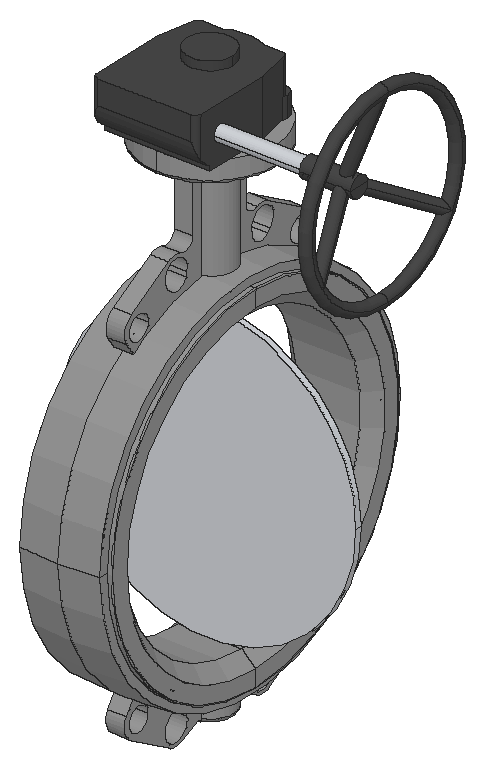
Revit family "Absperr- und Regulierklappe mit Getriebe ZF-4219", category Rohrzubehör, Revit 2021
Family settings
  Bemaßung runder Anschluss = Durchmesser verwenden
  Teiletyp = Unterbricht
  Arbeitsebenenbasiert = Nein
  Immer vertikal = Ja
  Beim Laden mit Abzugskörper schneiden = Nein
  Gemeinsam genutzt = Nein
Parameters
  Vorgabe-Ansicht = 0 mm
  URL = "www.herz-armaturen.at"
  Spindel = "Edelstahl ASTM-A276 / Type 316"  # constant formula
  Schrauben PN16 [instance] = if(Nennweite = 50 mm, "4x M16x100", if(Nennweite = 65 mm, "4x M16x100", if(Nennweite = 80 mm, "8x M16x100", if(Nennweite = 100 mm, "8x M16x110", if(Nennweite = 125 mm, "8x M16x120", if(Nennweite = 150 mm, "8x M20x120", if(Nennweite = 200 mm, "12x M20x130", if(Nennweite = 250 mm, "12x M24x140", "12x M24x160"))))))))  # "12x M24x160"
  Schrauben PN 6 [instance] = if(Nennweite = 50 mm, "4x M12x100", if(Nennweite = 65 mm, "4x M12x100", if(Nennweite = 80 mm, "4x M16x100", if(Nennweite = 100 mm, "4x M16x100", if(Nennweite = 125 mm, "8x M16x110", if(Nennweite = 150 mm, "8x M16x110", if(Nennweite = 200 mm, "--", if(Nennweite = 250 mm, "12x M16x130", "12xM16x140"))))))))  # "12xM16x140"
  Schrauben PN10 [instance] = if(Nennweite = 50 mm, "4x M16x100", if(Nennweite = 65 mm, "4x M16x100", if(Nennweite = 80 mm, "4x M16x100", if(Nennweite = 100 mm, "4x M16x110", if(Nennweite = 125 mm, "8x M16x120", if(Nennweite = 150 mm, "8x M20x120", if(Nennweite = 200 mm, "8x M20x130", if(Nennweite = 250 mm, "12x M20x130", "12x M20x150"))))))))  # "12x M20x150"
  SCTWSEQ = "FW;SBT_TYP_FW=\"101\";2"
  SCTWCODE = "04;07;02"  # constant formula
  SCRNSEQ = "ARM;ARM_TYP=\"ALLF\";2"
  SCRNCODE = "05;13;02"  # constant formula
  R_Dichtung = 1.5 mm  # constant formula
  PN16 [instance] = or(Nennweite = 50 mm, Nennweite = 65 mm, Nennweite = 80 mm, Nennweite = 100 mm, Nennweite = 125 mm, Nennweite = 150 mm, Nennweite = 200 mm, Nennweite = 250 mm, Nennweite = 300 mm)  # yes
  PN10 [instance] = or(Nennweite = 50 mm, Nennweite = 65 mm, Nennweite = 80 mm, Nennweite = 100 mm, Nennweite = 125 mm, Nennweite = 150 mm, Nennweite = 200 mm, Nennweite = 250 mm, Nennweite = 300 mm)  # yes
  PN 6 [instance] = or(Nennweite = 50 mm, Nennweite = 65 mm, Nennweite = 80 mm, Nennweite = 100 mm, Nennweite = 125 mm, Nennweite = 150 mm, Nennweite = 250 mm, Nennweite = 300 mm)  # yes
  PN [instance] = 16  # constant formula
  O-Ring = "EPDM entsprechend ISO 1691"  # constant formula
  Nennweite [instance] = 300 mm
  Min. Betriebstemperatur = "-20.00 °C bei entsprechender Wasser-Glycolmischung"  # constant formula
  Medium = "Ethylen- und Propyleneglykol kann in einem Mischungsverhältnis zwischen 25 - 50 vol. [%] verwendet werden."
  Max. Betriebstemperatur = 110 °C  # constant formula
  LO1 [instance] = R05 + 10 mm  # 193 mm
  L16 [instance] = L01 - L13  # 299 mm
  L15 [instance] = L01 + L12  # 328 mm
  L14 [instance] = size_lookup("4219_ZF_G", "L_14", 44.4 mm, Nennweite)  # 89.4 mm
  L13 [instance] = size_lookup("4219_ZF_G", "L_13", 15 mm, Nennweite)  # 9 mm
  L12 [instance] = size_lookup("4219_ZF_G", "L_12", 15 mm, Nennweite)  # 20 mm
  L11 [instance] = size_lookup("4219_ZF_G", "L_11", 15 mm, Nennweite)  # 23 mm
  L10 [instance] = size_lookup("4219_ZF_G", "L_10", 16 mm, Nennweite)  # 16 mm
  L09 [instance] = size_lookup("4219_ZF_G", "L9", 29 mm, Nennweite)  # 61 mm
  L08 [instance] = size_lookup("4219_ZF_G", "L8", 43 mm, Nennweite)  # 78 mm
  L07 [instance] = size_lookup("4219_ZF_G", "L7", 3.5 mm, Nennweite)  # 4.5 mm
  L06 [instance] = size_lookup("4219_ZF_G", "L6", 18 mm, Nennweite)  # 44 mm
  L05 [instance] = size_lookup("4219_ZF_G", "L5", 35 mm, Nennweite)  # 67 mm
  L04 [instance] = size_lookup("4219_ZF_G", "L4", 35 mm, Nennweite)  # 17.5 mm
  L03 [instance] = size_lookup("4219_ZF_G", "L3", 35 mm, Nennweite)  # 207.5 mm
  L02 [instance] = size_lookup("4219_ZF_G", "L2", 35 mm, Nennweite)  # 122 mm
  L01 [instance] = size_lookup("4219_ZF_G", "L1", 35 mm, Nennweite)  # 308 mm
  Klappenscheibe = "Edelstahl 1.4408"  # constant formula
  Hersteller = "HERZ Armaturen Ges.m.b.H."  # constant formula
  Hebel DN 50-DN150 = "Stahl, ST14.03"  # constant formula
  Hebel DN200-300 = "Stahl, S235 DIN2458/1626"  # constant formula
  H [instance] = size_lookup("4219_ZF_G", "H1", 9 mm, Nennweite)  # 22 mm
  Gewicht in kg [instance] = size_lookup("4219_ZF_G", "M", 37.6, Nennweite)  # 37.6
  Gewicht [instance] = 0.00 kg
  Gehäuseauskleidung = "EPDM entsprechend ISO 1691"  # constant formula
  Gehäuse = "GG, GJL-250/JL1040, entsprechend EN1561"  # constant formula
  Einbaudatum [instance] = ""
  Drehmoment in Nm [instance] = size_lookup("4219_ZF_G", "NM", 350, Nennweite)  # 350
  DN300 [instance] = Nennweite = 300 mm  # yes
  DN250 [instance] = Nennweite = 250 mm  # no
  DN200 [instance] = Nennweite = 200 mm  # no
  DN150 [instance] = Nennweite = 150 mm  # no
  DN125 [instance] = Nennweite = 125 mm  # no
  DN100 [instance] = Nennweite = 100 mm  # no
  DN 80 [instance] = Nennweite = 80 mm  # no
  DN 65 [instance] = Nennweite = 65 mm  # no
  DN 50 [instance] = Nennweite = 50 mm  # no
  Chargennummer [instance] = ""
  BD [instance] = size_lookup("4219_ZF_G", "DB", 24 mm, Nennweite)  # 290 mm
  D09 [instance] = size_lookup("4219_ZF_G", "D9", 24 mm, Nennweite)  # 145 mm
  D08 [instance] = size_lookup("4219_ZF_G", "D8", 47 mm, Nennweite)  # 18 mm
  D07 [instance] = size_lookup("4219_ZF_G", "D7", 47 mm, Nennweite)  # 37.5 mm
  D06 [instance] = size_lookup("4219_ZF_G", "D6", 47 mm, Nennweite)  # 65 mm
  R05 [instance] = size_lookup("4219_ZF_G", "D5", 47 mm, Nennweite)  # 183 mm
  D05 [instance] = R05 * 2  # 366 mm
  D04 [instance] = size_lookup("4219_ZF_G", "D4", 41 mm, Nennweite)  # 175 mm
  D03 [instance] = size_lookup("4219_ZF_G", "D3", 35.5 mm, Nennweite)  # 167.5 mm
  R01 [instance] = size_lookup("4219_ZF_G", "D1", 28 mm, Nennweite)  # 154.5 mm
  R02 [instance] = size_lookup("4219_ZF_G", "D2", 30 mm, Nennweite)  # 156.5 mm
  Bestellnummer [instance] = size_lookup("4219_ZF_G", "Artnr", 1421901, Nennweite)  # 1421969
  Anwendungsgebiet = "Geeignet für Flüssigkeiten in der Haustechnik, Kaltwasser, Heißwasser, etc."
  Anschlussflansch = "entsprechend EN1092-2"  # constant formula
Reference planes
  plane 1 "Mitte (Vorne/hinten)": y = 0
  plane 2: z = 0
  plane 3 "Mitte (Links/rechts)": x = 0
Forms (mm)
  Revolve 1, solid, material "Herz-Metall-blau", detail levels fine
    sketch origin (0, 0, 0) x (1, 0, 0) y (0, 1, 0)
      loop
        line (0, 185.241) -> (-39, 183) -> (-39, 175) -> (-30.5, 175) -> (-30.5, 167.5) -> (-32, 167.5)
        arc (-32, 167.5) -> (-33.061, 167.061) -> (-33.5, 166) r 1.5
        line (-33.5, 166) -> (-33.5, 156.824)
        arc (-33.5, 156.824) -> (-33.229, 155.964) -> (-32.513, 155.415) r 1.5
        line (-32.513, 155.415) -> (-29, 154.5) -> (-22, 154.5) -> (-22, 156.5) -> (22, 156.5) -> (22, 154.5) -> (29, 154.5) -> (32.513, 155.415)
        arc (32.513, 155.415) -> (33.229, 155.964) -> (33.5, 156.824) r 1.5
        line (33.5, 156.824) -> (33.5, 166)
        arc (33.5, 166) -> (33.061, 167.061) -> (32, 167.5) r 1.5
        line (32, 167.5) -> (30.5, 167.5) -> (30.5, 175) -> (39, 175) -> (39, 183) -> (0, 185.241)
      axis (39, 0) -> (-39, 0)
    angle from 0 to 360
  Extrusion 2, solid, material "Herz-Metall-blau", visible <- "DN 50", detail levels fine
    sketch origin (0, 0, 0) x (0, 1, 0) y (0, 0, 1)
      loop
        line (20, 54.051) -> (20.008, 111.113) -> (16.897, 110.952)
        arc (16.897, 110.952) -> (15.55, 110.331) -> (15, 108.954) r 2
        line (15, 108.954) -> (15, 44.542)
        arc (15, 44.542) -> (31.465, 34.913) -> (42.748, 19.534) r 47
        arc (42.748, 19.534) -> (42.633, 20.873) -> (43.392, 21.983) r 2
        line (43.392, 21.983) -> (54.714, 30.209)
        arc (54.714, 30.209) -> (56.569, 56.569) -> (30.209, 54.714) r 17.5
        line (30.209, 54.714) -> (27.87, 51.494)
        arc (27.87, 51.494) -> (23.006, 49.914) -> (20, 54.051) r 4.35
      loop
        arc (32.065, 41.998) -> (33.588, 33.588) -> (41.998, 32.065) r 7.5
        line (41.998, 32.065) -> (48.502, 35.17)
        arc (48.502, 35.17) -> (51.265, 51.265) -> (35.17, 48.502) r 10
        line (35.17, 48.502) -> (32.065, 41.998)
      loop
        arc (-20, 54.051) -> (-23.006, 49.914) -> (-27.87, 51.494) r 4.35
        line (-27.87, 51.494) -> (-30.209, 54.714)
        arc (-30.209, 54.714) -> (-56.569, 56.569) -> (-54.714, 30.209) r 17.5
        line (-54.714, 30.209) -> (-43.392, 21.983)
        arc (-43.392, 21.983) -> (-42.633, 20.873) -> (-42.748, 19.534) r 2
        arc (-42.748, 19.534) -> (-31.465, 34.913) -> (-15, 44.542) r 47
        line (-15, 44.542) -> (-15, 108.954)
        arc (-15, 108.954) -> (-15.55, 110.331) -> (-16.897, 110.952) r 2
        line (-16.897, 110.952) -> (-20.008, 111.113) -> (-20, 54.051)
      loop
        line (-32.065, 41.998) -> (-35.17, 48.502)
        arc (-35.17, 48.502) -> (-51.265, 51.265) -> (-48.502, 35.17) r 10
        line (-48.502, 35.17) -> (-41.998, 32.065)
        arc (-41.998, 32.065) -> (-33.588, 33.588) -> (-32.065, 41.998) r 7.5
      loop
        line (32.065, -41.998) -> (35.17, -48.502)
        arc (35.17, -48.502) -> (51.265, -51.265) -> (48.502, -35.17) r 10
        line (48.502, -35.17) -> (41.998, -32.065)
        arc (41.998, -32.065) -> (33.588, -33.588) -> (32.065, -41.998) r 7.5
      loop
        line (54.714, -30.209) -> (43.392, -21.983)
        arc (43.392, -21.983) -> (42.633, -20.873) -> (42.748, -19.534) r 2
        arc (42.748, -19.534) -> (33.234, -33.234) -> (19.534, -42.748) r 47
        arc (19.534, -42.748) -> (20.873, -42.633) -> (21.983, -43.392) r 2
        line (21.983, -43.392) -> (30.209, -54.714)
        arc (30.209, -54.714) -> (56.569, -56.569) -> (54.714, -30.209) r 17.5
      loop
        arc (-32.065, -41.998) -> (-33.588, -33.588) -> (-41.998, -32.065) r 7.5
        line (-41.998, -32.065) -> (-48.502, -35.17)
        arc (-48.502, -35.17) -> (-51.265, -51.265) -> (-35.17, -48.502) r 10
        line (-35.17, -48.502) -> (-32.065, -41.998)
      loop
        arc (-54.714, -30.209) -> (-56.569, -56.569) -> (-30.209, -54.714) r 17.5
        line (-30.209, -54.714) -> (-21.983, -43.392)
        arc (-21.983, -43.392) -> (-20.873, -42.633) -> (-19.534, -42.748) r 2
        arc (-19.534, -42.748) -> (-33.234, -33.234) -> (-42.748, -19.534) r 47
        arc (-42.748, -19.534) -> (-42.633, -20.873) -> (-43.392, -21.983) r 2
        line (-43.392, -21.983) -> (-54.714, -30.209)
    from -4.5 to 4.5
  Extrusion 3, solid, material "Herz-Metall-blau", visible <- "DN 65", detail levels fine
    sketch origin (0, 0, 0) x (0, 1, 0) y (0, 0, 1)
      loop
        arc (51.659, 21.619) -> (51.541, 22.778) -> (52.089, 23.805) r 2
        line (52.089, 23.805) -> (65.407, 37.123)
        arc (65.407, 37.123) -> (65.407, 65.407) -> (37.123, 65.407) r 20
        line (37.123, 65.407) -> (29.414, 57.699)
        arc (29.414, 57.699) -> (27.235, 57.265) -> (26, 59.113) r 2
        line (26, 59.113) -> (26, 136.154) -> (19.897, 135.838)
        arc (19.897, 135.838) -> (18.55, 135.218) -> (18, 133.841) r 2
        line (18, 133.841) -> (18, 53.028)
        arc (18, 53.028) -> (38.206, 40.942) -> (51.659, 21.619) r 56
      loop
        arc (55.637, 42.831) -> (57.983, 57.983) -> (42.831, 55.637) r 9.5
        line (42.831, 55.637) -> (39.647, 48.983)
        arc (39.647, 48.983) -> (41.012, 41.012) -> (48.983, 39.647) r 7
        line (48.983, 39.647) -> (55.637, 42.831)
      loop
        arc (51.659, -21.619) -> (39.598, -39.598) -> (21.619, -51.659) r 56
        arc (21.619, -51.659) -> (22.778, -51.541) -> (23.805, -52.089) r 2
        line (23.805, -52.089) -> (37.123, -65.407)
        arc (37.123, -65.407) -> (65.407, -65.407) -> (65.407, -37.123) r 20
        line (65.407, -37.123) -> (52.089, -23.805)
        arc (52.089, -23.805) -> (51.541, -22.778) -> (51.659, -21.619) r 2
      loop
        line (55.637, -42.831) -> (48.983, -39.647)
        arc (48.983, -39.647) -> (41.012, -41.012) -> (39.647, -48.983) r 7
        line (39.647, -48.983) -> (42.831, -55.637)
        arc (42.831, -55.637) -> (57.983, -57.983) -> (55.637, -42.831) r 9.5
      loop
        arc (-51.659, -21.619) -> (-51.541, -22.778) -> (-52.089, -23.805) r 2
        line (-52.089, -23.805) -> (-65.407, -37.123)
        arc (-65.407, -37.123) -> (-65.407, -65.407) -> (-37.123, -65.407) r 20
        line (-37.123, -65.407) -> (-23.805, -52.089)
        arc (-23.805, -52.089) -> (-22.778, -51.541) -> (-21.619, -51.659) r 2
        arc (-21.619, -51.659) -> (-39.598, -39.598) -> (-51.659, -21.619) r 56
      loop
        arc (-55.637, -42.831) -> (-57.983, -57.983) -> (-42.831, -55.637) r 9.5
        line (-42.831, -55.637) -> (-39.647, -48.983)
        arc (-39.647, -48.983) -> (-41.012, -41.012) -> (-48.983, -39.647) r 7
        line (-48.983, -39.647) -> (-55.637, -42.831)
      loop
        arc (-51.659, 21.619) -> (-38.206, 40.942) -> (-18, 53.028) r 56
        line (-18, 53.028) -> (-18, 133.838)
        arc (-18, 133.838) -> (-18.55, 135.215) -> (-19.897, 135.835) r 2
        line (-19.897, 135.835) -> (-26, 136.151) -> (-26, 59.113)
        arc (-26, 59.113) -> (-27.235, 57.265) -> (-29.414, 57.699) r 2
        line (-29.414, 57.699) -> (-37.123, 65.407)
        arc (-37.123, 65.407) -> (-65.407, 65.407) -> (-65.407, 37.123) r 20
        line (-65.407, 37.123) -> (-52.089, 23.805)
        arc (-52.089, 23.805) -> (-51.541, 22.778) -> (-51.659, 21.619) r 2
      loop
        line (-55.637, 42.831) -> (-48.983, 39.647)
        arc (-48.983, 39.647) -> (-41.012, 41.012) -> (-39.647, 48.983) r 7
        line (-39.647, 48.983) -> (-42.831, 55.637)
        arc (-42.831, 55.637) -> (-57.983, 57.983) -> (-55.637, 42.831) r 9.5
    from -4.5 to 4.5
  Extrusion 4, solid, material "Herz-Metall-blau", visible <- "DN 80", detail levels fine
    sketch origin (0, 0, 0) x (0, 1, 0) y (0, 0, 1)
      loop
        line (26, 143.161) -> (20.397, 142.871)
        arc (20.397, 142.871) -> (19.05, 142.251) -> (18.5, 140.874) r 2
        line (18.5, 140.874) -> (18.5, 62.833)
        arc (18.5, 62.833) -> (41.296, 50.842) -> (57.706, 30.989) r 65.5
        arc (57.706, 30.989) -> (57.482, 32.176) -> (57.983, 33.275) r 2
        line (57.983, 33.275) -> (67.23, 43.52)
        arc (67.23, 43.52) -> (70.328, 54.798) -> (65.407, 65.407) r 17
        line (65.407, 65.407) -> (42.005, 86.53)
        arc (42.005, 86.53) -> (37.832, 89.302) -> (33.031, 90.738) r 17
        arc (33.031, 90.738) -> (27.974, 93.895) -> (26, 99.52) r 9
        line (26, 99.52) -> (26, 143.161)
      loop
        circle (30.615, 73.91) r 9.5
      loop
        circle (53.387, 53.387) r 9.5
      loop
        arc (57.706, -30.989) -> (41.296, -50.842) -> (18.5, -62.833) r 65.5
        line (18.5, -62.833) -> (18.5, -85.837)
        arc (18.5, -85.837) -> (30.113, -90.903) -> (42.005, -86.53) r 17
        line (42.005, -86.53) -> (65.407, -65.407)
        arc (65.407, -65.407) -> (70.328, -54.798) -> (67.23, -43.52) r 17
        line (67.23, -43.52) -> (57.983, -33.275)
        arc (57.983, -33.275) -> (57.482, -32.176) -> (57.706, -30.989) r 2
      loop
        circle (30.615, -73.91) r 9.5
      loop
        circle (53.387, -53.387) r 9.5
      loop
        arc (-57.706, -30.989) -> (-57.482, -32.176) -> (-57.983, -33.275) r 2
        line (-57.983, -33.275) -> (-67.23, -43.52)
        arc (-67.23, -43.52) -> (-70.328, -54.798) -> (-65.407, -65.407) r 17
        line (-65.407, -65.407) -> (-42.005, -86.53)
        arc (-42.005, -86.53) -> (-30.113, -90.903) -> (-18.5, -85.837) r 17
        line (-18.5, -85.837) -> (-18.5, -62.833)
        arc (-18.5, -62.833) -> (-41.296, -50.842) -> (-57.706, -30.989) r 65.5
      loop
        circle (-30.615, -73.91) r 9.5
      loop
        circle (-53.387, -53.387) r 9.5
      loop
        line (-26, 143.179) -> (-26, 99.52)
        arc (-26, 99.52) -> (-27.974, 93.895) -> (-33.031, 90.738) r 9
        arc (-33.031, 90.738) -> (-37.832, 89.302) -> (-42.005, 86.53) r 17
        line (-42.005, 86.53) -> (-65.407, 65.407)
        arc (-65.407, 65.407) -> (-70.328, 54.798) -> (-67.23, 43.52) r 17
        line (-67.23, 43.52) -> (-57.983, 33.275)
        arc (-57.983, 33.275) -> (-57.482, 32.176) -> (-57.706, 30.989) r 2
        arc (-57.706, 30.989) -> (-41.296, 50.842) -> (-18.5, 62.833) r 65.5
        line (-18.5, 62.833) -> (-18.5, 140.891)
        arc (-18.5, 140.891) -> (-19.05, 142.268) -> (-20.397, 142.888) r 2
        line (-20.397, 142.888) -> (-26, 143.179)
      loop
        circle (-30.615, 73.91) r 9.5
      loop
        circle (-53.387, 53.387) r 9.5
    from -4.5 to 4.5
  Extrusion 5, solid, material "Herz-Metall-blau", visible <- "DN100", detail levels fine
    sketch origin (0, 0, 0) x (0, 1, 0) y (0, 0, 1)
      loop
        line (64.131, 38.887) -> (73.681, 49.873)
        arc (73.681, 49.873) -> (77.063, 61.29) -> (72.125, 72.125) r 17
        line (72.125, 72.125) -> (45.809, 95.79)
        arc (45.809, 95.79) -> (41.366, 98.675) -> (36.25, 100.053) r 17
        arc (36.25, 100.053) -> (28.882, 104.596) -> (26, 112.759) r 13
        line (26, 112.759) -> (26, 166.173) -> (20.397, 165.883)
        arc (20.397, 165.883) -> (19.05, 165.263) -> (18.5, 163.886) r 2
        line (18.5, 163.886) -> (18.5, 72.683)
        arc (18.5, 72.683) -> (44.637, 60.27) -> (64.131, 38.887) r 75
      loop
        circle (60.104, 60.104) r 9.5
      loop
        circle (34.442, 83.149) r 9.5
      loop
        arc (64.131, -38.887) -> (44.637, -60.27) -> (18.5, -72.683) r 75
        line (18.5, -72.683) -> (18.5, -95.329)
        arc (18.5, -95.329) -> (21.473, -95.603) -> (24.233, -96.743) r 10
        arc (24.233, -96.743) -> (35.191, -100.133) -> (45.809, -95.79) r 17
        line (45.809, -95.79) -> (72.125, -72.125)
        arc (72.125, -72.125) -> (77.063, -61.29) -> (73.681, -49.873) r 17
        line (73.681, -49.873) -> (64.131, -38.887)
      loop
        circle (60.104, -60.104) r 9.5
      loop
        circle (34.442, -83.149) r 9.5
      loop
        line (-64.131, -38.887) -> (-73.681, -49.873)
        arc (-73.681, -49.873) -> (-77.063, -61.29) -> (-72.125, -72.125) r 17
        line (-72.125, -72.125) -> (-45.809, -95.79)
        arc (-45.809, -95.79) -> (-35.191, -100.133) -> (-24.233, -96.743) r 17
        arc (-24.233, -96.743) -> (-21.473, -95.603) -> (-18.5, -95.329) r 10
        line (-18.5, -95.329) -> (-18.5, -72.683)
        arc (-18.5, -72.683) -> (-44.637, -60.27) -> (-64.131, -38.887) r 75
      loop
        circle (-60.104, -60.104) r 9.5
      loop
        circle (-34.442, -83.149) r 9.5
      loop
        arc (-64.131, 38.887) -> (-44.637, 60.27) -> (-18.5, 72.683) r 75
        line (-18.5, 72.683) -> (-18.5, 163.876)
        arc (-18.5, 163.876) -> (-19.05, 165.253) -> (-20.397, 165.873) r 2
        line (-20.397, 165.873) -> (-26, 166.164) -> (-26, 112.759)
        arc (-26, 112.759) -> (-28.882, 104.596) -> (-36.25, 100.053) r 13
        arc (-36.25, 100.053) -> (-41.366, 98.675) -> (-45.809, 95.79) r 17
        line (-45.809, 95.79) -> (-72.125, 72.125)
        arc (-72.125, 72.125) -> (-77.063, 61.29) -> (-73.681, 49.873) r 17
        line (-73.681, 49.873) -> (-64.131, 38.887)
      loop
        circle (-60.104, 60.104) r 9.5
      loop
        circle (-34.442, 83.149) r 9.5
    from -4.5 to 4.5
  Extrusion 6, solid, material "Herz-Metall-blau", visible <- "DN125", detail levels fine
    sketch origin (0, 0, 0) x (0, 1, 0) y (0, 0, 1)
      loop
        arc (75.229, 48.945) -> (74.917, 50.244) -> (75.492, 51.45) r 2
        line (75.492, 51.45) -> (82.731, 58.69)
        arc (82.731, 58.69) -> (87.711, 70.711) -> (82.731, 82.731) r 17
        line (82.731, 82.731) -> (51.291, 109.875)
        arc (51.291, 109.875) -> (46.108, 112.941) -> (40.182, 114.007) r 17
        line (40.182, 114.007) -> (38, 114.007)
        arc (38, 114.007) -> (29.515, 117.522) -> (26, 126.007) r 12
        line (26, 126.007) -> (26, 185.157) -> (20.397, 184.867)
        arc (20.397, 184.867) -> (19.05, 184.246) -> (18.5, 182.869) r 2
        line (18.5, 182.869) -> (18.5, 87.823)
        arc (18.5, 87.823) -> (50.736, 74.033) -> (75.229, 48.945) r 89.75
      loop
        circle (40.182, 97.007) r 9.5
      loop
        circle (70.711, 70.711) r 9.5
      loop
        arc (75.229, -48.945) -> (50.736, -74.033) -> (18.5, -87.823) r 89.75
        line (18.5, -87.823) -> (18.5, -108.431)
        arc (18.5, -108.431) -> (24.248, -107.655) -> (29.46, -110.2) r 10
        arc (29.46, -110.2) -> (40.434, -114.005) -> (51.291, -109.875) r 17
        line (51.291, -109.875) -> (82.731, -82.731)
        arc (82.731, -82.731) -> (87.711, -70.711) -> (82.731, -58.69) r 17
        line (82.731, -58.69) -> (75.492, -51.45)
        arc (75.492, -51.45) -> (74.917, -50.244) -> (75.229, -48.945) r 2
      loop
        circle (40.182, -97.007) r 9.5
      loop
        circle (70.711, -70.711) r 9.5
      loop
        arc (-75.229, -48.945) -> (-74.917, -50.244) -> (-75.492, -51.45) r 2
        line (-75.492, -51.45) -> (-82.731, -58.69)
        arc (-82.731, -58.69) -> (-87.711, -70.711) -> (-82.731, -82.731) r 17
        line (-82.731, -82.731) -> (-51.291, -109.875)
        arc (-51.291, -109.875) -> (-40.434, -114.005) -> (-29.46, -110.2) r 17
        arc (-29.46, -110.2) -> (-24.248, -107.655) -> (-18.5, -108.431) r 10
        line (-18.5, -108.431) -> (-18.5, -87.823)
        arc (-18.5, -87.823) -> (-50.736, -74.033) -> (-75.229, -48.945) r 89.75
      loop
        circle (-40.182, -97.007) r 9.5
      loop
        circle (-70.711, -70.711) r 9.5
      loop
        arc (-75.229, 48.945) -> (-50.736, 74.033) -> (-18.5, 87.823) r 89.75
        line (-18.5, 87.823) -> (-18.5, 182.852)
        arc (-18.5, 182.852) -> (-19.05, 184.23) -> (-20.397, 184.85) r 2
        line (-20.397, 184.85) -> (-26, 185.14) -> (-26, 126.007)
        arc (-26, 126.007) -> (-29.515, 117.522) -> (-38, 114.007) r 12
        line (-38, 114.007) -> (-40.182, 114.007)
        arc (-40.182, 114.007) -> (-46.108, 112.941) -> (-51.291, 109.875) r 17
        line (-51.291, 109.875) -> (-82.731, 82.731)
        arc (-82.731, 82.731) -> (-87.711, 70.711) -> (-82.731, 58.69) r 17
        line (-82.731, 58.69) -> (-75.492, 51.45)
        arc (-75.492, 51.45) -> (-74.917, 50.244) -> (-75.229, 48.945) r 2
      loop
        circle (-40.182, 97.007) r 9.5
      loop
        circle (-70.711, 70.711) r 9.5
    from -6 to 6
  Extrusion 7, solid, material "Herz-Metall-blau", visible <- "DN150", detail levels fine
    sketch origin (0, 0, 0) x (0, 1, 0) y (0, 0, 1)
      loop
        line (83.495, 59.454) -> (91.57, 67.529)
        arc (91.57, 67.529) -> (96.55, 79.55) -> (91.57, 91.57) r 17
        line (91.57, 91.57) -> (57.511, 123.304)
        arc (57.511, 123.304) -> (45.758, 127.865) -> (34.095, 123.077) r 17
        arc (34.095, 123.077) -> (28.976, 122.416) -> (26, 126.633) r 5
        line (26, 126.633) -> (26, 198.177) -> (20.397, 197.887)
        arc (20.397, 197.887) -> (19.05, 197.267) -> (18.5, 195.889) r 2
        line (18.5, 195.889) -> (18.5, 100.817)
        arc (18.5, 100.817) -> (55.032, 86.474) -> (83.495, 59.454) r 102.5
      loop
        circle (45.922, 110.866) r 11.5
      loop
        circle (79.55, 79.55) r 9.5
      loop
        circle (45.922, -110.866) r 11.5
      loop
        circle (79.55, -79.55) r 9.5
      loop
        line (91.57, -67.529) -> (83.495, -59.454)
        arc (83.495, -59.454) -> (55.032, -86.474) -> (18.5, -100.817) r 102.5
        line (18.5, -100.817) -> (18.5, -123.208)
        arc (18.5, -123.208) -> (19.363, -121.755) -> (21.03, -121.482) r 2
        line (21.03, -121.482) -> (42.642, -127.546)
        arc (42.642, -127.546) -> (50.587, -127.213) -> (57.511, -123.304) r 17
        line (57.511, -123.304) -> (91.57, -91.57)
        arc (91.57, -91.57) -> (96.55, -79.55) -> (91.57, -67.529) r 17
      loop
        arc (-83.495, 59.454) -> (-55.032, 86.474) -> (-18.5, 100.817) r 102.5
        line (-18.5, 100.817) -> (-18.5, 195.875)
        arc (-18.5, 195.875) -> (-19.05, 197.252) -> (-20.397, 197.872) r 2
        line (-20.397, 197.872) -> (-26, 198.163) -> (-26, 126.633)
        arc (-26, 126.633) -> (-28.976, 122.416) -> (-34.095, 123.077) r 5
        arc (-34.095, 123.077) -> (-45.758, 127.865) -> (-57.511, 123.304) r 17
        line (-57.511, 123.304) -> (-91.57, 91.57)
        arc (-91.57, 91.57) -> (-96.55, 79.55) -> (-91.57, 67.529) r 17
        line (-91.57, 67.529) -> (-83.495, 59.454)
      loop
        circle (-45.922, 110.866) r 11.5
      loop
        circle (-79.55, 79.55) r 9.5
      loop
        circle (-45.922, -110.866) r 11.5
      loop
        circle (-79.55, -79.55) r 9.5
      loop
        arc (-91.57, -67.529) -> (-96.55, -79.55) -> (-91.57, -91.57) r 17
        line (-91.57, -91.57) -> (-57.511, -123.304)
        arc (-57.511, -123.304) -> (-50.587, -127.213) -> (-42.642, -127.546) r 17
        line (-42.642, -127.546) -> (-21.03, -121.482)
        arc (-21.03, -121.482) -> (-19.363, -121.755) -> (-18.5, -123.208) r 2
        line (-18.5, -123.208) -> (-18.5, -100.817)
        arc (-18.5, -100.817) -> (-55.032, -86.474) -> (-83.495, -59.454) r 102.5
        line (-83.495, -59.454) -> (-91.57, -67.529)
    from -7 to 7
  Extrusion 8, solid, material "Herz-Metall-blau", visible <- "DN200", detail levels fine
    sketch origin (0, 0, 0) x (0, 1, 0) y (0, 0, 1)
      loop
        arc (42.048, 153.832) -> (26.654, 145.827) -> (35.349, 130.812) r 12
        line (35.349, 130.812) -> (53.31, 124.689)
        arc (53.31, 124.689) -> (67.804, 132.4) -> (61.038, 147.359) r 12
        line (61.038, 147.359) -> (42.048, 153.832)
      loop
        line (28, 226.273) -> (22.065, 226.047)
        arc (22.065, 226.047) -> (20.655, 225.469) -> (20, 224.092) r 2.114
        line (20, 224.092) -> (20, 129.471)
        arc (20, 129.471) -> (49.604, 121.273) -> (76.485, 106.406) r 130.989
        line (76.485, 106.406) -> (76.485, 136.265)
        arc (76.485, 136.265) -> (73.108, 147.391) -> (64.117, 154.764) r 20.019
        line (64.117, 154.764) -> (38.16, 163.592)
        arc (38.16, 163.592) -> (30.802, 169.06) -> (28, 177.79) r 15
        line (28, 177.79) -> (28, 226.273)
      loop
        line (42.048, -153.832) -> (61.038, -147.359)
        arc (61.038, -147.359) -> (67.804, -132.4) -> (53.31, -124.689) r 12
        line (53.31, -124.689) -> (35.349, -130.812)
        arc (35.349, -130.812) -> (26.654, -145.827) -> (42.048, -153.832) r 12
      loop
        arc (76.446, -106.382) -> (49.585, -121.253) -> (20, -129.464) r 131
        line (20, -129.464) -> (20, -141.835)
        arc (20, -141.835) -> (28.361, -158.099) -> (46.453, -160.765) r 20
        line (46.453, -160.765) -> (64.099, -154.75)
        arc (64.099, -154.75) -> (73.075, -147.384) -> (76.446, -136.272) r 20
        line (76.446, -136.272) -> (76.446, -106.382)
      loop
        arc (-42.048, -153.832) -> (-26.654, -145.827) -> (-35.349, -130.812) r 12
        line (-35.349, -130.812) -> (-53.31, -124.689)
        arc (-53.31, -124.689) -> (-67.804, -132.4) -> (-61.038, -147.359) r 12
        line (-61.038, -147.359) -> (-42.048, -153.832)
      loop
        line (-76.446, -106.382) -> (-76.446, -136.272)
        arc (-76.446, -136.272) -> (-73.075, -147.384) -> (-64.099, -154.75) r 20
        line (-64.099, -154.75) -> (-46.453, -160.765)
        arc (-46.453, -160.765) -> (-28.361, -158.099) -> (-20, -141.835) r 20
        line (-20, -141.835) -> (-20, -129.464)
        arc (-20, -129.464) -> (-49.585, -121.253) -> (-76.446, -106.382) r 131
      loop
        line (-42.048, 153.832) -> (-61.038, 147.359)
        arc (-61.038, 147.359) -> (-67.804, 132.4) -> (-53.31, 124.689) r 12
        line (-53.31, 124.689) -> (-35.349, 130.812)
        arc (-35.349, 130.812) -> (-26.654, 145.827) -> (-42.048, 153.832) r 12
      loop
        line (-28, 226.278) -> (-28, 177.79)
        arc (-28, 177.79) -> (-30.802, 169.06) -> (-38.16, 163.592) r 15
        line (-38.16, 163.592) -> (-64.117, 154.764)
        arc (-64.117, 154.764) -> (-73.108, 147.391) -> (-76.485, 136.265) r 20.019
        line (-76.485, 136.265) -> (-76.485, 106.406)
        arc (-76.485, 106.406) -> (-49.604, 121.273) -> (-20, 129.471) r 130.989
        line (-20, 129.471) -> (-20, 224.098)
        arc (-20, 224.098) -> (-20.655, 225.475) -> (-22.065, 226.053) r 2.114
        line (-22.065, 226.053) -> (-28, 226.278)
    from -7 to 7
  Extrusion 9, solid, material "Herz-Metall-blau", visible <- "DN250", detail levels fine
    sketch origin (0, 0, 0) x (0, 1, 0) y (0, 0, 1)
      loop
        arc (-95.9, 125.382) -> (-61.406, 145.382) -> (-23, 156.095) r 157.75
        line (-23, 156.095) -> (-23, 258.814)
        arc (-23, 258.814) -> (-23.588, 260.113) -> (-24.893, 260.69) r 2
        line (-24.893, 260.69) -> (-32, 261.058) -> (-32, 187.712)
        arc (-32, 187.712) -> (-33.507, 185.205) -> (-36.428, 185.359) r 2.84
        arc (-36.428, 185.359) -> (-43.951, 188.152) -> (-51.918, 187.184) r 17
        line (-51.918, 187.184) -> (-97.072, 155.872)
        arc (-97.072, 155.872) -> (-100.207, 149.167) -> (-100.195, 141.765) r 17
        line (-100.195, 141.765) -> (-95.9, 125.382)
      loop
        circle (-83.608, 145.492) r 9.5
      loop
        circle (-45.549, 171.269) r 14
      loop
        arc (96.192, -125.349) -> (61.575, -145.51) -> (23, -156.317) r 157.999
        line (23, -156.317) -> (23, -181.388) -> (27.217, -181.388)
        arc (27.217, -181.388) -> (30.142, -181.826) -> (32.812, -183.1) r 10
        line (32.812, -183.1) -> (36.428, -185.542)
        arc (36.428, -185.542) -> (44.468, -188.388) -> (52.878, -186.972) r 17
        line (52.878, -186.972) -> (97.463, -155.872)
        arc (97.463, -155.872) -> (100.598, -149.167) -> (100.586, -141.765) r 17
        line (100.586, -141.765) -> (96.192, -125.349)
      loop
        circle (84, -145.492) r 9.5
      loop
        circle (45.94, -171.452) r 14
      loop
        line (-96.192, -125.349) -> (-100.586, -141.765)
        arc (-100.586, -141.765) -> (-100.598, -149.167) -> (-97.463, -155.872) r 17
        line (-97.463, -155.872) -> (-52.878, -186.972)
        arc (-52.878, -186.972) -> (-44.468, -188.388) -> (-36.428, -185.542) r 17
        line (-36.428, -185.542) -> (-32.812, -183.1)
        arc (-32.812, -183.1) -> (-30.142, -181.826) -> (-27.217, -181.388) r 10
        line (-27.217, -181.388) -> (-23, -181.388) -> (-23, -156.317)
        arc (-23, -156.317) -> (-61.575, -145.51) -> (-96.192, -125.349) r 157.999
      loop
        circle (-84, -145.492) r 9.5
      loop
        circle (-45.94, -171.452) r 14
      loop
        line (95.9, 125.2) -> (100.195, 141.582)
        arc (100.195, 141.582) -> (100.207, 148.984) -> (97.072, 155.689) r 17
        line (97.072, 155.689) -> (51.919, 187.036)
        arc (51.919, 187.036) -> (43.952, 188.006) -> (36.428, 185.212) r 17
        arc (36.428, 185.212) -> (33.507, 185.058) -> (32, 187.566) r 2.84
        line (32, 187.566) -> (32, 261.045) -> (24.893, 260.677)
        arc (24.893, 260.677) -> (23.588, 260.1) -> (23, 258.801) r 2
        line (23, 258.801) -> (23, 155.948)
        arc (23, 155.948) -> (61.411, 145.223) -> (95.9, 125.2) r 157.605
      loop
        circle (83.608, 145.31) r 9.5
      loop
        circle (45.549, 171.122) r 14
    from -9 to 9
  Extrusion 10, solid, material "Herz-Metall-blau", visible <- "DN300", detail levels fine
    sketch origin (0, 0, 0) x (0, 1, 0) y (0, 0, 1)
      loop
        arc (62.57, 187.834) -> (56.268, 211.23) -> (39.112, 194.12) r 14
        line (39.112, 194.12) -> (40.223, 189.928)
        arc (40.223, 189.928) -> (48.374, 181.769) -> (59.504, 184.767) r 11.5
        line (59.504, 184.767) -> (62.57, 187.834)
      loop
        circle (98.337, 170.892) r 12
      loop
        arc (113.094, 162.454) -> (114.748, 175.326) -> (106.837, 185.615) r 17
        line (106.837, 185.615) -> (61.701, 211.919)
        arc (61.701, 211.919) -> (54.44, 214.463) -> (46.806, 213.516) r 16.852
        arc (46.806, 213.516) -> (36.904, 213.681) -> (32, 222.285) r 10
        line (32, 222.285) -> (32, 286.38) -> (24.895, 286.033)
        arc (24.895, 286.033) -> (23.576, 285.442) -> (23, 284.117) r 2
        line (23, 284.117) -> (23, 181.202)
        arc (23, 181.202) -> (65.613, 170.505) -> (104.437, 149.94) r 182.63
        line (104.437, 149.94) -> (113.094, 162.454)
      loop
        line (62.984, -188.142) -> (59.917, -185.075)
        arc (59.917, -185.075) -> (48.787, -182.077) -> (40.637, -190.235) r 11.5
        line (40.637, -190.235) -> (39.525, -194.427)
        arc (39.525, -194.427) -> (56.681, -211.538) -> (62.984, -188.142) r 14
      loop
        circle (98.75, -171.04) r 12
      loop
        line (113.508, -162.601) -> (104.75, -150.055)
        arc (104.75, -150.055) -> (65.787, -170.766) -> (23, -181.549) r 183
        line (23, -181.549) -> (23, -206.327)
        arc (23, -206.327) -> (24.157, -204.218) -> (26.558, -204.062) r 2.5
        line (26.558, -204.062) -> (45.918, -213.443)
        arc (45.918, -213.443) -> (53.906, -214.994) -> (61.701, -212.654) r 17
        line (61.701, -212.654) -> (107.25, -185.762)
        arc (107.25, -185.762) -> (115.162, -175.474) -> (113.508, -162.601) r 17
      loop
        arc (-62.984, -188.142) -> (-56.681, -211.538) -> (-39.525, -194.427) r 14
        line (-39.525, -194.427) -> (-40.637, -190.235)
        arc (-40.637, -190.235) -> (-48.787, -182.077) -> (-59.917, -185.075) r 11.5
        line (-59.917, -185.075) -> (-62.984, -188.142)
      loop
        circle (-98.75, -171.04) r 12
      loop
        arc (-113.508, -162.601) -> (-115.162, -175.474) -> (-107.25, -185.762) r 17
        line (-107.25, -185.762) -> (-61.701, -212.654)
        arc (-61.701, -212.654) -> (-53.906, -214.994) -> (-45.918, -213.443) r 17
        line (-45.918, -213.443) -> (-26.558, -204.062)
        arc (-26.558, -204.062) -> (-24.157, -204.218) -> (-23, -206.327) r 2.5
        line (-23, -206.327) -> (-23, -181.549)
        arc (-23, -181.549) -> (-65.787, -170.766) -> (-104.75, -150.055) r 183
        line (-104.75, -150.055) -> (-113.508, -162.601)
      loop
        line (-62.574, 188.142) -> (-59.508, 185.075)
        arc (-59.508, 185.075) -> (-48.378, 182.077) -> (-40.227, 190.235) r 11.5
        line (-40.227, 190.235) -> (-39.116, 194.427)
        arc (-39.116, 194.427) -> (-56.272, 211.538) -> (-62.574, 188.142) r 14
      loop
        circle (-98.34, 171.04) r 12
      loop
        line (-113.098, 162.601) -> (-104.44, 150.087)
        arc (-104.44, 150.087) -> (-65.611, 170.637) -> (-23, 181.326) r 182.753
        line (-23, 181.326) -> (-23, 284.115)
        arc (-23, 284.115) -> (-23.577, 285.441) -> (-24.896, 286.032) r 2
        line (-24.896, 286.032) -> (-32, 286.379) -> (-32, 222.593)
        arc (-32, 222.593) -> (-37.217, 213.811) -> (-47.425, 214.193) r 10
        arc (-47.425, 214.193) -> (-54.523, 214.911) -> (-61.291, 212.654) r 17
        line (-61.291, 212.654) -> (-106.84, 185.762)
        arc (-106.84, 185.762) -> (-114.752, 175.474) -> (-113.098, 162.601) r 17
    from -9 to 9
  Revolve 11, solid, material "Herz-Metall-blau"
    sketch origin (0, 0, 0) x (0, 1, 0) y (0, 0, 1)
      loop
        line (0, -183) -> (0, -207.5) -> (20, -207.5)
        arc (20, -207.5) -> (22.121, -206.621) -> (23, -204.5) r 3
        line (23, -204.5) -> (23, -181.549)
        arc (23, -181.549) -> (11.523, -182.637) -> (0, -183) r 183
      axis (0, -181.549) -> (0, -207.5)
    angle from 0 to 360
  Revolve 12, solid, material "Herz-Metall-blau"
    sketch origin (0, 0, 0) x (0, 1, 0) y (0, 0, 1)
      loop
        line (0, 299) -> (0, 183)
        arc (0, 183) -> (11.523, 182.637) -> (23, 181.549) r 183
        line (23, 181.549) -> (23, 284)
        arc (23, 284) -> (23.549, 285.377) -> (24.895, 285.998) r 2
        line (24.895, 285.998) -> (63.105, 288)
        arc (63.105, 288) -> (64.451, 288.621) -> (65, 289.997) r 2
        line (65, 289.997) -> (65, 308) -> (37.5, 308) -> (37.5, 299) -> (0, 299)
      axis (0, 308) -> (0, 181.549)
    angle from 0 to 360
  Revolve 13, solid, material "Gummi"
    sketch origin (0, 0, 0) x (1, 0, 0) y (0, 0, 1)
      loop
        arc (-43.208, 175) -> (-44.263, 174.563) -> (-44.7, 173.508) r 1.492
        line (-44.7, 173.508) -> (-44.7, 156.718) -> (-30.5, 145) -> (30.5, 145) -> (44.7, 157.945) -> (44.7, 174)
        arc (44.7, 174) -> (44.407, 174.707) -> (43.7, 175) r 1
        line (43.7, 175) -> (30.5, 175) -> (30.5, 167.5) -> (32, 167.5)
        arc (32, 167.5) -> (33.061, 167.061) -> (33.5, 166) r 1.5
        line (33.5, 166) -> (33.5, 156.988)
        arc (33.5, 156.988) -> (33.122, 155.993) -> (32.18, 155.499) r 1.5
        line (32.18, 155.499) -> (29, 154.5) -> (20.027, 154.5) -> (20.027, 156.5) -> (-23.973, 156.5) -> (-23.973, 154.5) -> (-29, 154.5) -> (-32.18, 155.499)
        arc (-32.18, 155.499) -> (-33.122, 155.993) -> (-33.5, 156.988) r 1.5
        line (-33.5, 156.988) -> (-33.5, 166)
        arc (-33.5, 166) -> (-33.061, 167.061) -> (-32, 167.5) r 1.5
        line (-32, 167.5) -> (-30.5, 167.5) -> (-30.5, 175) -> (-43.208, 175)
      axis (-44.7, 0) -> (44.7, 0)
    angle from 0 to 360
  Extrusion 14, solid, detail levels fine
    sketch origin (0, 0, 0) x (1, 0, 0) y (0, 0, 1)
      loop
        circle (0, 0) r 145
    from -3 to 3
  Extrusion 15, solid, detail levels fine
    sketch origin (0, 0, 0) x (1, 0, 0) y (0, 1, 0)
      loop
        line (0, 15.556) -> (-15.556, 0) -> (0, -15.556) -> (15.556, 0) -> (0, 15.556)
    from 299 <- "L16" to 328 <- "L15"
Lines and regions (mm)
  model lines, detail levels coarse+medium
    curve 1: line (-39, 183, 0) -> (39, 183, 0)
    curve 2: line (-39, -183, 0) -> (-39, 183, 0)
    curve 3: line (39, -183, 0) -> (-39, -183, 0)
    curve 4: line (39, 183, 0) -> (39, -183, 0)
    curve 5: line (-39, 183, 0) -> (39, -183, 0)
    curve 6: circle (0, 0, 0) r 5 normal (0, 0, 1)
    curve 7: line (-39, 0, 183) -> (39, 0, 183)
    curve 8: line (-39, 0, -183) -> (-39, 0, 183)
    curve 9: line (39, 0, -183) -> (-39, 0, -183)
    curve 10: line (39, 0, 183) -> (39, 0, -183)
    curve 11: line (-39, 0, 183) -> (39, 0, -183)
    curve 12: circle (0, 0, 0) r 7 normal (0, -1, 0)
Dimensions and locks
  "L08": Revolve 1 sketch curve to Revolve 1 sketch curve
  equal spacing: Revolve 1 sketch curve, plane 3 "Mitte (Links/rechts)", Revolve 1 sketch curve  (x4)
  "L07": Revolve 1 sketch curve to Revolve 1 sketch curve  (x2)
  "L06": Revolve 1 sketch curve to Revolve 1 sketch curve
  "L05": Revolve 1 sketch curve to Revolve 1 sketch curve
  "L09": Revolve 1 sketch curve to Revolve 1 sketch curve
  "R05": plane 1 "Mitte (Vorne/hinten)" to Revolve 1 sketch curve  (x2)
  "D04": plane 1 "Mitte (Vorne/hinten)" to Revolve 1 sketch curve  (x2)
  "D03": plane 1 "Mitte (Vorne/hinten)" to Revolve 1 sketch curve  (x2)
  "R01": plane 1 "Mitte (Vorne/hinten)" to Revolve 1 sketch curve  (x2)
  "R02": plane 1 "Mitte (Vorne/hinten)" to Revolve 1 sketch curve
  equal spacing: curve 2, plane 3 "Mitte (Links/rechts)", curve 4
  equal spacing: curve 3, plane 1 "Mitte (Vorne/hinten)", curve 1
  "L08": curve 2 to curve 4
  "D05": curve 3 to curve 1
  equal spacing: curve 10, plane 3 "Mitte (Links/rechts)", curve 8
  equal spacing: curve 7, level, curve 9
  "D05": curve 7 to curve 9
  "L08": curve 8 to curve 10
  "L11": Revolve 11 sketch curve to plane 1 "Mitte (Vorne/hinten)"
  "L03": level to Revolve 11 sketch curve
  "R05": level to Revolve 11 sketch curve
  "R05": Revolve 12 sketch curve to curve 2
  "L11": Revolve 12 sketch curve to plane 1 "Mitte (Vorne/hinten)"
  "L01": Revolve 12 sketch curve to level
  "L12": Revolve 12 sketch curve to Revolve 12 sketch curve
  "L13": Revolve 12 sketch curve to Revolve 12 sketch curve
  "D07": Revolve 12 sketch curve to Revolve 12 sketch curve
  "D06": Revolve 12 sketch curve to Revolve 12 sketch curve
  Extrusion 10 sketch curve to plane 1 "Mitte (Vorne/hinten)" to Extrusion 10 sketch curve = 23 mm, 23 mm
  equal spacing: Extrusion 10 sketch curve, plane 1 "Mitte (Vorne/hinten)", Extrusion 10 sketch curve
  Extrusion 10 sketch curve to Extrusion 10 sketch curve = 64 mm
  Extrusion 9 sketch curve to plane 1 "Mitte (Vorne/hinten)" to Extrusion 9 sketch curve = 23 mm, 23 mm
  Extrusion 9 sketch curve to plane 1 "Mitte (Vorne/hinten)" to Extrusion 9 sketch curve = 32 mm, 32 mm
  Extrusion 8 sketch curve to Extrusion 8 sketch curve = 56 mm
  equal spacing: Extrusion 8 sketch curve, plane 1 "Mitte (Vorne/hinten)", Extrusion 8 sketch curve
  Extrusion 8 sketch curve to plane 1 "Mitte (Vorne/hinten)" to Extrusion 8 sketch curve = 20 mm, 20 mm
  equal spacing: Extrusion 7 sketch curve, plane 1 "Mitte (Vorne/hinten)", Extrusion 7 sketch curve
  Extrusion 7 sketch curve to Extrusion 7 sketch curve = 52 mm
  equal spacing: Extrusion 6 sketch curve, plane 1 "Mitte (Vorne/hinten)", Extrusion 6 sketch curve
  "R02": Revolve 13 sketch curve to curve 3
  "D04": Revolve 13 sketch curve to level  (x2)
  "L14": Revolve 13 sketch curve to Revolve 13 sketch curve
  "D09": Revolve 13 sketch curve to level
  "D03": Revolve 13 sketch curve to level  (x2)
  "R01": Revolve 13 sketch curve to level  (x2)
  "L09": Revolve 13 sketch curve to Revolve 13 sketch curve  (x2)
  "L06": Revolve 13 sketch curve to Revolve 13 sketch curve
  "L05": Revolve 13 sketch curve to Revolve 13 sketch curve
  equal spacing: Revolve 13 sketch curve, plane 3 "Mitte (Links/rechts)", Revolve 13 sketch curve  (x4)
  "L07": Revolve 13 sketch curve to Revolve 13 sketch curve  (x2)
  equal spacing: Extrusion 15 sketch curve, plane 3 "Mitte (Links/rechts)", Extrusion 15 sketch curve  (x2)
  "H": Extrusion 15 sketch curve to Extrusion 15 sketch curve  (x2)
  "L11": nested 1 to plane 3 "Mitte (Links/rechts)"
  "LO1": plane 2 to nested 1
  "R05": radius of Revolve 11 sketch curve
  "R05": radius of Revolve 12 sketch curve
  "R_Dichtung": radius of Revolve 13 sketch curve  (x4)
  "BD": diameter of Extrusion 14 sketch curve
  angle Revolve 1 sketch curve to Revolve 1 sketch curve = 93.2891°  (x2)
  angle Revolve 12 sketch curve to Revolve 12 sketch curve = 93.00°
  angle plane 3 "Mitte (Links/rechts)" to Extrusion 15 sketch curve = 45.00°
  angle Extrusion 15 sketch curve to plane 3 "Mitte (Links/rechts)" = 45.00°
  aligned and locked: level to plane 2
Automatic sketch dimensions
  Extrusion 2 sketch curve to Extrusion 2 sketch curve = 0 mm  (x28)
  Extrusion 2 sketch curve to level = 0 mm
  Extrusion 2 sketch curve to plane 1 "Mitte (Vorne/hinten)" = 0 mm
  plane 1 "Mitte (Vorne/hinten)" to Extrusion 2 sketch curve = 15 mm
  Extrusion 2 sketch curve to Extrusion 2 sketch curve = 1.897 mm  (x2)
  Extrusion 2 sketch curve to Extrusion 2 sketch curve = 0.103 mm  (x2)
  Extrusion 2 sketch curve to Extrusion 2 sketch curve = 5 mm  (x2)
  Extrusion 2 sketch curve to Extrusion 2 sketch curve = 3.111 mm  (x2)
  plane 1 "Mitte (Vorne/hinten)" to Extrusion 2 sketch curve = 20.365 mm
  Extrusion 2 sketch curve to Extrusion 2 sketch curve = 1.618 mm  (x6)
  Extrusion 2 sketch curve to Extrusion 2 sketch curve = 4.35 mm  (x2)
  Extrusion 2 sketch curve to Extrusion 2 sketch curve = 3.519 mm  (x2)
  Extrusion 2 sketch curve to Extrusion 2 sketch curve = 2.34 mm  (x2)
  Extrusion 2 sketch curve to Extrusion 2 sketch curve = 8.226 mm  (x6)
  Extrusion 2 sketch curve to Extrusion 2 sketch curve = 10.081 mm  (x6)
  Extrusion 2 sketch curve to Extrusion 2 sketch curve = 4.195 mm  (x2)
  Extrusion 2 sketch curve to Extrusion 2 sketch curve = 3.105 mm  (x8)
  Extrusion 2 sketch curve to Extrusion 2 sketch curve = 6.826 mm  (x8)
  Extrusion 2 sketch curve to Extrusion 2 sketch curve = 3.107 mm  (x4)
  Extrusion 2 sketch curve to Extrusion 2 sketch curve = 1.394 mm  (x6)
  Extrusion 2 sketch curve to Extrusion 2 sketch curve = 5.303 mm  (x8)
  Extrusion 2 sketch curve to Extrusion 2 sketch curve = 1.176 mm  (x6)
  Extrusion 2 sketch curve to Extrusion 2 sketch curve = 6.505 mm  (x4)
  Extrusion 2 sketch curve to Extrusion 2 sketch curve = 6.212 mm  (x4)
  Extrusion 2 sketch curve to plane 1 "Mitte (Vorne/hinten)" = 15 mm
  Extrusion 2 sketch curve to plane 1 "Mitte (Vorne/hinten)" = 20.365 mm
  Extrusion 2 sketch curve to level = 20.365 mm  (x2)
  level to Extrusion 2 sketch curve = 20.365 mm  (x2)
  Extrusion 2 sketch curve to Extrusion 2 sketch curve = 2.545 mm  (x2)
  Extrusion 2 sketch curve to Extrusion 2 sketch curve = 3.22 mm  (x2)
  Extrusion 2 sketch curve to Extrusion 2 sketch curve = 2.557 mm  (x2)
  Extrusion 2 sketch curve to Extrusion 2 sketch curve = 54.903 mm
  Extrusion 2 sketch curve to Extrusion 2 sketch curve = 0.161 mm  (x2)
  Extrusion 2 sketch curve to Extrusion 2 sketch curve = 0.831 mm  (x2)
  Extrusion 2 sketch curve to Extrusion 2 sketch curve = 1.819 mm  (x2)
  Extrusion 10 sketch curve to Extrusion 10 sketch curve = 0 mm  (x23)
  Extrusion 10 sketch curve to level = 0 mm
  Extrusion 10 sketch curve to plane 1 "Mitte (Vorne/hinten)" = 0 mm
  Extrusion 10 sketch curve to Extrusion 10 sketch curve = 1.896 mm
  Extrusion 10 sketch curve to Extrusion 10 sketch curve = 1.998 mm
  plane 1 "Mitte (Vorne/hinten)" to Extrusion 10 sketch curve = 25.5 mm
  Extrusion 10 sketch curve to Extrusion 10 sketch curve = 1.058 mm  (x2)
  Extrusion 10 sketch curve to Extrusion 10 sketch curve = 16.116 mm
  Extrusion 10 sketch curve to Extrusion 10 sketch curve = 12.968 mm
  Extrusion 10 sketch curve to Extrusion 10 sketch curve = 10 mm  (x2)
  Extrusion 10 sketch curve to Extrusion 10 sketch curve = 6.393 mm  (x2)
  Extrusion 10 sketch curve to Extrusion 10 sketch curve = 12.239 mm  (x4)
  Extrusion 10 sketch curve to Extrusion 10 sketch curve = 1.294 mm  (x4)
  Extrusion 10 sketch curve to Extrusion 10 sketch curve = 8.643 mm
  Extrusion 10 sketch curve to Extrusion 10 sketch curve = 15.783 mm  (x2)
  Extrusion 10 sketch curve to Extrusion 10 sketch curve = 11.22 mm  (x3)
  Extrusion 10 sketch curve to Extrusion 10 sketch curve = 35.766 mm  (x3)
  Extrusion 10 sketch curve to Extrusion 10 sketch curve = 6 mm  (x2)
  Extrusion 10 sketch curve to Extrusion 10 sketch curve = 6.1 mm
  Extrusion 10 sketch curve to Extrusion 10 sketch curve = 8.5 mm  (x4)
  Extrusion 10 sketch curve to Extrusion 10 sketch curve = 8.658 mm
  Extrusion 10 sketch curve to Extrusion 10 sketch curve = 8.758 mm  (x2)
  Extrusion 10 sketch curve to Extrusion 10 sketch curve = 16.525 mm
  level to Extrusion 10 sketch curve = 0.006 mm  (x2)
  plane 1 "Mitte (Vorne/hinten)" to Extrusion 10 sketch curve = 0.16 mm
  Extrusion 10 sketch curve to plane 1 "Mitte (Vorne/hinten)" = 0.161 mm
  Extrusion 10 sketch curve to plane 1 "Mitte (Vorne/hinten)" = 23 mm
  Extrusion 10 sketch curve to Extrusion 10 sketch curve = 1.895 mm
  Extrusion 10 sketch curve to Extrusion 10 sketch curve = 0.103 mm
  Extrusion 10 sketch curve to Extrusion 10 sketch curve = 2.5 mm
  Extrusion 10 sketch curve to Extrusion 10 sketch curve = 14.025 mm
  Extrusion 10 sketch curve to Extrusion 10 sketch curve = 16.112 mm
  Extrusion 10 sketch curve to Extrusion 10 sketch curve = 46.986 mm
  Extrusion 10 sketch curve to Extrusion 10 sketch curve = 6.101 mm
  Extrusion 10 sketch curve to Extrusion 10 sketch curve = 8.657 mm
  Extrusion 10 sketch curve to level = 150.055 mm
  Extrusion 10 sketch curve to Extrusion 10 sketch curve = 31.494 mm
  Extrusion 10 sketch curve to Extrusion 10 sketch curve = 12.546 mm  (x2)
  Extrusion 10 sketch curve to Extrusion 10 sketch curve = 8.439 mm  (x4)
  Extrusion 10 sketch curve to Extrusion 10 sketch curve = 17.102 mm  (x3)
  Extrusion 10 sketch curve to Extrusion 10 sketch curve = 5.043 mm  (x3)
  Extrusion 10 sketch curve to Extrusion 10 sketch curve = 1.242 mm  (x4)
  Extrusion 10 sketch curve to Extrusion 10 sketch curve = 9.634 mm
  Extrusion 10 sketch curve to Extrusion 10 sketch curve = 2.265 mm
  Extrusion 10 sketch curve to Extrusion 10 sketch curve = 11.9 mm
  Extrusion 10 sketch curve to Extrusion 10 sketch curve = 14.639 mm  (x3)
  level to Extrusion 10 sketch curve = 150.087 mm
  Extrusion 10 sketch curve to Extrusion 10 sketch curve = 31.386 mm
  Extrusion 10 sketch curve to Extrusion 10 sketch curve = 12.514 mm  (x2)
  Extrusion 10 sketch curve to Extrusion 10 sketch curve = 11.675 mm
  Extrusion 10 sketch curve to Extrusion 10 sketch curve = 4.83 mm
  Extrusion 10 sketch curve to Extrusion 10 sketch curve = 24.578 mm
  Extrusion 10 sketch curve to Extrusion 10 sketch curve = 9.939 mm
  Extrusion 10 sketch curve to Extrusion 10 sketch curve = 61.442 mm
  Extrusion 10 sketch curve to Extrusion 10 sketch curve = 0.001 mm
  Extrusion 10 sketch curve to Extrusion 10 sketch curve = 0.081 mm  (x2)
  Extrusion 10 sketch curve to Extrusion 10 sketch curve = 0.347 mm  (x2)
  Extrusion 10 sketch curve to Extrusion 10 sketch curve = 1.111 mm  (x4)
  Extrusion 10 sketch curve to Extrusion 10 sketch curve = 0.011 mm  (x4)
  Extrusion 10 sketch curve to Extrusion 10 sketch curve = 3.067 mm  (x3)
  Extrusion 10 sketch curve to Extrusion 10 sketch curve = 0.008 mm  (x8)
  Extrusion 10 sketch curve to Extrusion 10 sketch curve = 4.806 mm
  Extrusion 10 sketch curve to Extrusion 10 sketch curve = 8.153 mm
  Extrusion 10 sketch curve to Extrusion 10 sketch curve = 14.895 mm
  Extrusion 10 sketch curve to Extrusion 10 sketch curve = 3.058 mm
  Extrusion 10 sketch curve to Extrusion 10 sketch curve = 3.075 mm  (x4)
  Extrusion 10 sketch curve to Extrusion 10 sketch curve = 0.003 mm  (x4)
  Extrusion 9 sketch curve to Extrusion 9 sketch curve = 0 mm  (x14)
  Extrusion 9 sketch curve to Extrusion 9 sketch curve = 1.893 mm  (x2)
  Extrusion 9 sketch curve to Extrusion 9 sketch curve = 0.103 mm  (x2)
  plane 1 "Mitte (Vorne/hinten)" to Extrusion 9 sketch curve = 27.217 mm
  Extrusion 9 sketch curve to Extrusion 9 sketch curve = 5.595 mm  (x2)
  Extrusion 9 sketch curve to Extrusion 9 sketch curve = 2.84 mm  (x2)
  Extrusion 9 sketch curve to Extrusion 9 sketch curve = 3.617 mm  (x2)
  Extrusion 9 sketch curve to Extrusion 9 sketch curve = 9.512 mm  (x2)
  Extrusion 9 sketch curve to Extrusion 9 sketch curve = 11.101 mm
  Extrusion 9 sketch curve to Extrusion 9 sketch curve = 6.369 mm
  Extrusion 9 sketch curve to Extrusion 9 sketch curve = 16.45 mm  (x2)
  Extrusion 9 sketch curve to Extrusion 9 sketch curve = 38.06 mm  (x3)
  Extrusion 9 sketch curve to Extrusion 9 sketch curve = 12.192 mm  (x2)
  Extrusion 9 sketch curve to Extrusion 9 sketch curve = 12.292 mm  (x2)
  Extrusion 9 sketch curve to Extrusion 9 sketch curve = 13.463 mm  (x4)
  Extrusion 9 sketch curve to Extrusion 9 sketch curve = 3.123 mm  (x4)
  Extrusion 9 sketch curve to Extrusion 9 sketch curve = 4.217 mm  (x2)
  level to Extrusion 9 sketch curve = 0.007 mm  (x2)
  plane 1 "Mitte (Vorne/hinten)" to Extrusion 9 sketch curve = 0.16 mm
  Extrusion 9 sketch curve to level = 0 mm  (x2)
  plane 1 "Mitte (Vorne/hinten)" to Extrusion 9 sketch curve = 0.008 mm
  Extrusion 9 sketch curve to plane 1 "Mitte (Vorne/hinten)" = 0.008 mm
  Extrusion 9 sketch curve to Extrusion 9 sketch curve = 0.153 mm
  Extrusion 9 sketch curve to plane 1 "Mitte (Vorne/hinten)" = 23 mm
  Extrusion 9 sketch curve to Extrusion 9 sketch curve = 10.709 mm
  Extrusion 9 sketch curve to Extrusion 9 sketch curve = 5.979 mm
  Extrusion 9 sketch curve to Extrusion 9 sketch curve = 37.668 mm
  Extrusion 9 sketch curve to level = 125.349 mm
  Extrusion 9 sketch curve to Extrusion 9 sketch curve = 30.969 mm
  Extrusion 9 sketch curve to Extrusion 9 sketch curve = 16.416 mm  (x2)
  Extrusion 9 sketch curve to Extrusion 9 sketch curve = 3.728 mm  (x4)
  Extrusion 9 sketch curve to Extrusion 9 sketch curve = 15.134 mm  (x2)
  Extrusion 9 sketch curve to Extrusion 9 sketch curve = 9.936 mm  (x2)
  Extrusion 9 sketch curve to Extrusion 9 sketch curve = 1.712 mm  (x2)
  Extrusion 9 sketch curve to Extrusion 9 sketch curve = 2.442 mm  (x2)
  level to Extrusion 9 sketch curve = 125.382 mm
  Extrusion 9 sketch curve to Extrusion 9 sketch curve = 30.895 mm
  Extrusion 9 sketch curve to Extrusion 9 sketch curve = 16.382 mm  (x2)
  Extrusion 9 sketch curve to Extrusion 9 sketch curve = 15.174 mm  (x2)
  Extrusion 9 sketch curve to Extrusion 9 sketch curve = 15.914 mm
  Extrusion 9 sketch curve to Extrusion 9 sketch curve = 15.915 mm
  Extrusion 9 sketch curve to Extrusion 9 sketch curve = 0.529 mm  (x2)
  Extrusion 9 sketch curve to Extrusion 9 sketch curve = 71.114 mm
  Extrusion 9 sketch curve to Extrusion 9 sketch curve = 0.013 mm
  Extrusion 9 sketch curve to Extrusion 9 sketch curve = 0.121 mm  (x2)
  Extrusion 9 sketch curve to Extrusion 9 sketch curve = 0.368 mm  (x2)
  Extrusion 9 sketch curve to Extrusion 9 sketch curve = 0.392 mm  (x2)
  Extrusion 8 sketch curve to Extrusion 8 sketch curve = 0 mm  (x7)
  Extrusion 8 sketch curve to level = 0 mm
  Extrusion 8 sketch curve to plane 1 "Mitte (Vorne/hinten)" = 0 mm
  level to Extrusion 8 sketch curve = 0.005 mm  (x2)
  plane 1 "Mitte (Vorne/hinten)" to Extrusion 8 sketch curve = 0.086 mm
  plane 1 "Mitte (Vorne/hinten)" to Extrusion 8 sketch curve = 20 mm
  Extrusion 8 sketch curve to Extrusion 8 sketch curve = 2.065 mm  (x2)
  Extrusion 8 sketch curve to Extrusion 8 sketch curve = 2.108 mm
  Extrusion 8 sketch curve to Extrusion 8 sketch curve = 5.935 mm
  Extrusion 8 sketch curve to Extrusion 8 sketch curve = 15.349 mm  (x4)
  Extrusion 8 sketch curve to Extrusion 8 sketch curve = 10.16 mm  (x2)
  Extrusion 8 sketch curve to Extrusion 8 sketch curve = 2.826 mm  (x4)
  Extrusion 8 sketch curve to Extrusion 8 sketch curve = 1.824 mm  (x2)
  Extrusion 8 sketch curve to Extrusion 8 sketch curve = 3.887 mm  (x2)
  Extrusion 8 sketch curve to Extrusion 8 sketch curve = 3.872 mm  (x2)
  Extrusion 8 sketch curve to Extrusion 8 sketch curve = 4.84 mm
  Extrusion 8 sketch curve to Extrusion 8 sketch curve = 4.405 mm  (x2)
  Extrusion 8 sketch curve to Extrusion 8 sketch curve = 17.961 mm  (x3)
  Extrusion 8 sketch curve to Extrusion 8 sketch curve = 3.135 mm  (x3)
  Extrusion 8 sketch curve to Extrusion 8 sketch curve = 0.021 mm  (x2)
  Extrusion 8 sketch curve to Extrusion 8 sketch curve = 4.571 mm  (x2)
  Extrusion 8 sketch curve to Extrusion 8 sketch curve = 4.592 mm  (x2)
  Extrusion 8 sketch curve to Extrusion 8 sketch curve = 3.061 mm  (x2)
  Extrusion 8 sketch curve to Extrusion 8 sketch curve = 3.079 mm  (x2)
  Extrusion 8 sketch curve to Extrusion 8 sketch curve = 23.135 mm
  Extrusion 8 sketch curve to Extrusion 8 sketch curve = 15.447 mm  (x2)
  Extrusion 8 sketch curve to plane 1 "Mitte (Vorne/hinten)" = 0.086 mm
  Extrusion 8 sketch curve to plane 1 "Mitte (Vorne/hinten)" = 20 mm
  Extrusion 8 sketch curve to Extrusion 8 sketch curve = 0.043 mm
  Extrusion 8 sketch curve to Extrusion 8 sketch curve = 15 mm
  Extrusion 8 sketch curve to Extrusion 8 sketch curve = 18.27 mm
  Extrusion 8 sketch curve to Extrusion 8 sketch curve = 15.408 mm
  Extrusion 8 sketch curve to level = 106.382 mm
  Extrusion 8 sketch curve to Extrusion 8 sketch curve = 23.083 mm
  Extrusion 8 sketch curve to Extrusion 8 sketch curve = 18.308 mm  (x2)
  Extrusion 8 sketch curve to Extrusion 8 sketch curve = 1.347 mm  (x2)
  Extrusion 8 sketch curve to Extrusion 8 sketch curve = 11.583 mm  (x2)
  Extrusion 8 sketch curve to Extrusion 8 sketch curve = 12.371 mm
  Extrusion 8 sketch curve to Extrusion 8 sketch curve = 11.023 mm
  Extrusion 8 sketch curve to Extrusion 8 sketch curve = 0.639 mm  (x2)
  level to Extrusion 8 sketch curve = 106.406 mm
